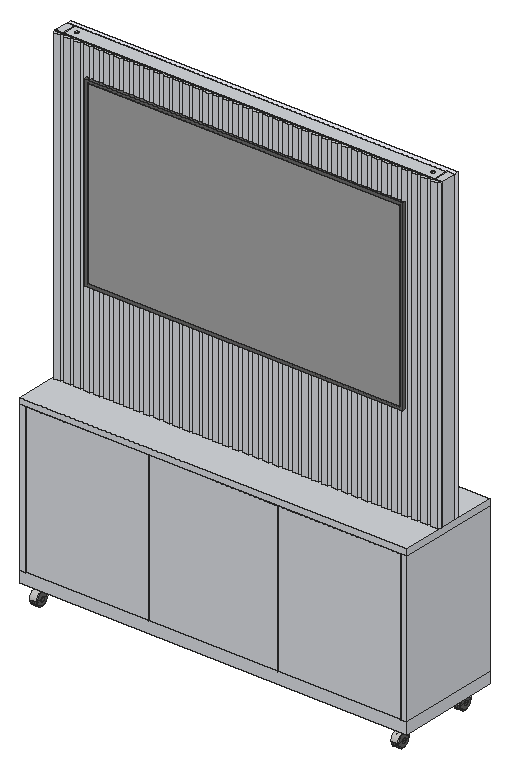
Revit family "ThinkingWall Combi AV", category Generic Models, Revit 2023
Family settings
  Can host rebar = No
  Round Connector Dimension = Use Diameter
  Part Type = Normal
  Work Plane-Based = No
  Always vertical = Yes
  Cut with Voids When Loaded = No
  Maintain Annotation Orientation = No
  Shared = No
  Room Calculation Point = No
Parameters (values of type "ThinkingWall® Combi AV 1500")
  URL = "https://www.logovisual.com/product/whiteboards/thinkingwall/acoustics/thinkingwall-mobile-acoustic-cupboard-combi/"
  ThinkingWall Combi AV 1500 = yes
  ThinkingWall Combi AV 1200 = no
  Model = "ThinkingWall® Combi AV"
  Manufacturer = "Logovisual LTD"
  Description = "Mobile freestanding storage unit with integrated screen and AV equipment. Part of the ThinkingWall® range for flexible breakout and meeting spaces."
  Cupboard Colour = none
  TV Width = 1230 mm
  TV Screen Colour = Screen
  TV Height = 720 mm
  Steel Colour = none
  Plinth Colure = none
  Default Elevation = 0 mm
  Acoustic Colour = none
Types (3, lengths in mm): name | ThinkingWall Combi AV 1500 | ThinkingWall Combi AV 1200 | TV Width | TV Height
  (no name) | yes | no | 1230 | 720
  ThinkingWall® Combi AV 1200 | no | yes | 965 | 565
  ThinkingWall® Combi AV 1500 | yes | no | 1230 | 720
Reference planes
  plane 1 "Center (Front/Back)": y = 0
  plane 2: z = 0
  plane 3 "Center (Left/Right)": x = 0
Dimensions and locks
  aligned and locked: level to plane 2
  aligned and locked: plane 3 "Center (Left/Right)" to nested 1
  aligned and locked: plane 1 "Center (Front/Back)" to nested 1
  aligned and locked: plane 3 "Center (Left/Right)" to nested 2
  aligned and locked: plane 1 "Center (Front/Back)" to nested 2
Nested families
  nested 1: "ThinkingWall Combi AV 1200" at (0, 0, 0), visible <- "ThinkingWall Combi AV 1200", type "ThinkingWall Combi AV 1200"
    with TV Width 1230 mm, TV Height 720 mm
  nested 2: "ThinkingWall Combi AV 1500" at (0, 0, 0), visible <- "ThinkingWall Combi AV 1500", type "ThinkingWall Combi AV 1200"
    with TV Width 1230 mm, TV Height 720 mm
Definition of nested family "ThinkingWall Combi AV 1200"
  Parameters (values of type "ThinkingWall Combi AV 1200")
    Cupboard Colour = none
    TV Width = 965 mm
    TV Screen Colour = none
    TV Height = 565 mm
    Steel Colour = none
    Plinth Colure = none
    No of Slat = Length / 38.7 mm  # 31
    No Acoustic Panel 2 = Length / 40 mm  # 30
    Length = 1200 mm  # constant formula
    Default Elevation = 0 mm
    Acoustic Colour = none
  Types (2): name
    ThinkingWall Combi AV 1200
    ThinkingWall Combi AV 1500
  Reference planes
    plane 1 "Center (Front/Back)": y = 0
    plane 2: z = 0
    plane 3 "Center (Left/Right)": x = 0
    plane 4: y = 200
    plane 5: x = 1200
    plane 6: y = -200
    plane 7: x = 600
    plane 8: z = 71.5
    plane 9 "a": z = 114.5
    plane 10: x = 30
    plane 11: x = 1170
    plane 12: z = 1914.5
    plane 13: y = 30
    plane 14: y = -30
    plane 15: x = 24
    plane 16: x = 1176
    plane 17: z = 690.5
    plane 18: z = 714.5
    plane 19: x = 595
    plane 20: x = 605
    plane 21: y = -182
    plane 22: y = 183
    plane 23: y = -31.5
    plane 24: y = 47.5
    plane 25: z = 1804.5
    plane 26: y = -43.5
  Forms (mm)
    Extrusion 1, solid, material <- "Plinth Colure"
      sketch origin (-511.407, -1524, 71.5) x (-1, 0, 0) y (0, -1, 0)
        loop
          line (-511.407, -1724) -> (-511.407, -1324) -> (-1711.407, -1324) -> (-1711.407, -1724) -> (-511.407, -1724)
      from 0 to 43
    Extrusion 2, solid, material <- "Steel Colour"
      sketch origin (-511.407, -1524, 114.5) x (-1, 0, 0) y (0, -1, 0)
        loop
          line (-511.407, -1554) -> (-511.407, -1494) -> (-541.407, -1494) -> (-541.407, -1554) -> (-511.407, -1554)
        loop
          line (-1681.407, -1554) -> (-1681.407, -1494) -> (-1711.407, -1494) -> (-1711.407, -1554) -> (-1681.407, -1554)
      from 600 to 1800
    Extrusion 3, solid, material <- "Cupboard Colour"
      sketch origin (-511.407, -1524, 114.5) x (-1, 0, 0) y (0, -1, 0)
        loop
          line (-511.407, -1724) -> (-511.407, -1324) -> (-535.407, -1324) -> (-535.407, -1724) -> (-511.407, -1724)
        loop
          line (-1711.407, -1724) -> (-1687.407, -1724) -> (-1687.407, -1324) -> (-1711.407, -1324) -> (-1711.407, -1724)
      from 0 to 576
    Extrusion 4, solid, material <- "Cupboard Colour"
      sketch origin (0, 0, 0) x (1, 0, 0) y (0, 0, 1)
        loop
          line (0, 714.5) -> (0, 690.5) -> (1200, 690.5) -> (1200, 714.5) -> (0, 714.5)
      from -200 to 200
    Extrusion 5, solid, material <- "Cupboard Colour"
      sketch origin (0, 0, 0) x (1, 0, 0) y (0, 0, 1)
        loop
          line (595, 690.5) -> (595, 114.5) -> (605, 114.5) -> (605, 690.5) -> (595, 690.5)
      from -183 to 182
    Sweep 6, solid, material <- "Cupboard Colour"
      path origin (0, 0, 0) x (1, 0, 0) y (0, 0, 1)
        loop
          line (24, 690.5) -> (24, 114.5) -> (1176, 114.5) -> (1176, 690.5) -> (24, 690.5)
      profile origin (24, 0, 402.5) x (0, -1, 0) y (1, 0, 0)
        loop
          line (-183, 0) -> (182, 0) -> (182, 12) -> (-183, 12) -> (-183, 0)
    Extrusion 7, solid, material <- "Cupboard Colour"
      sketch origin (-511.407, -1524, 114.5) x (-1, 0, 0) y (0, -1, 0)
        loop
          line (-535.407, -1342) -> (-535.407, -1324) -> (-1111.407, -1324) -> (-1111.407, -1342) -> (-535.407, -1342)
      from 0 to 576
    Extrusion 8, solid, material <- "Cupboard Colour"
      sketch origin (1711.407, -1524, 114.5) x (1, 0, 0) y (0, 1, 0)
        loop
          line (-535.407, 1342) -> (-1111.407, 1342) -> (-1111.407, 1324) -> (-535.407, 1324) -> (-535.407, 1342)
      from 0 to 576
    Extrusion 9, solid
      sketch origin (-537.43, -1524, 714.5) x (-1, 0, 0) y (0, -1, 0)
        loop
          line (-537.43, -1494) -> (-537.43, -1492.5) -> (-1737.43, -1492.5) -> (-1737.43, -1494) -> (-537.43, -1494)
      from 0 to 1200
    Extrusion 10, solid, material <- "Steel Colour"
      sketch origin (-908.752, -1524, 1914.5) x (-1, 0, 0) y (0, -1, 0)
        loop
          line (-938.752, -1554) -> (-938.752, -1494) -> (-2078.752, -1494) -> (-2078.752, -1554) -> (-938.752, -1554)
      from -18 to 0
    Extrusion 11, solid
      sketch origin (-908.752, -1524, 1914.5) x (-1, 0, 0) y (0, -1, 0)
        loop
          circle (-968.752, -1524) r 5
        loop
          circle (-2048.752, -1524) r 5
      from 0 to 1
    Extrusion 12, solid
      sketch origin (-537.43, -1524, 690.5) x (-1, 0, 0) y (0, -1, 0)
        loop
          line (-537.43, -1571.5) -> (-537.43, -1554) -> (-1737.43, -1554) -> (-1737.43, -1571.5) -> (-537.43, -1571.5)
      from 24 to 1224
  Dimensions and locks
    equal spacing: plane 4, plane 1 "Center (Front/Back)", plane 6
    plane 4 to plane 6 = 400 mm
    "Length": plane 3 "Center (Left/Right)" to plane 5
    locked: plane 3 "Center (Left/Right)" to nested 1 at 50
    locked: plane 4 to nested 1 at 50
    equal spacing: plane 3 "Center (Left/Right)", plane 7, plane 5
    locked: plane 4 to nested 2 at 50
    locked: nested 2 to plane 5 at 50
    locked: nested 4 to plane 5 at 50
    locked: plane 3 "Center (Left/Right)" to nested 3 at 50
    locked: plane 6 to nested 3 at 50
    locked: plane 6 to nested 4 at 50
    locked: plane 8 to level at 71.5
    plane 9 "a" to plane 8 = 43 mm
    locked: plane 3 "Center (Left/Right)" to plane 10 at 30
    locked: plane 11 to plane 5 at 30
    plane 12 to level = 1914.5 mm
    equal spacing: plane 13, plane 1 "Center (Front/Back)", plane 14
    locked: plane 13 to plane 14 at 60
    locked: plane 3 "Center (Left/Right)" to plane 15 at 24
    locked: plane 16 to plane 5 at 24
    plane 17 to plane 9 "a" = 576 mm
    locked: plane 18 to plane 17 at 24
    locked: plane 4 to plane 22 at 17
    locked: plane 6 to plane 21 at 18
    locked: plane 24 to plane 13 at 17.5
    locked: plane 23 to plane 14 at 1.5
    equal spacing: group 2, group 31, group 30, group 29, group 28, group 27, group 26, group 25, group 24, group 23, group 22, group 21, group 20, group 19, group 18, group 17, group 16, group 15, group 14, group 13, group 12, group 11, group 10, group 9, group 8, group 7, group 6, group 5, group 4, group 3, group 1
    equal spacing: group 1, group 3, group 4, group 5, group 6, group 7, group 8, group 9, group 10, group 11, group 12, group 13, group 14, group 15, group 16, group 17, group 18, group 19, group 20, group 21, group 22, group 23, group 24, group 25, group 26, group 27, group 28, group 29, group 30, group 31, group 2  (x2)
    locked: plane 12 to plane 25 at 110
    locked: plane 26 to plane 23 at 12
    equal spacing: plane 19, plane 7, plane 20
    locked: plane 19 to plane 20 at 10
    plane 12 to plane 18 = 1200 mm
    equal spacing: group 33, group 61, group 60, group 59, group 58, group 57, group 56, group 55, group 54, group 53, group 52, group 51, group 50, group 49, group 48, group 47, group 46, group 45, group 44, group 43, group 42, group 41, group 40, group 39, group 38, group 37, group 36, group 35, group 34, group 32
    equal spacing: group 32, group 34, group 35, group 36, group 37, group 38, group 39, group 40, group 41, group 42, group 43, group 44, group 45, group 46, group 47, group 48, group 49, group 50, group 51, group 52, group 53, group 54, group 55, group 56, group 57, group 58, group 59, group 60, group 61, group 33  (x2)
    locked: plane 5 to nested 67 at 70
    locked: plane 9 "a" to nested 67 at 62
    locked: nested 67 to plane 22 at 12
    aligned and locked: level to plane 2
    aligned and locked: Extrusion 1 sketch curve to plane 4
    aligned and locked: plane 3 "Center (Left/Right)" to Extrusion 1 sketch curve
    aligned and locked: Extrusion 1 sketch curve to plane 6
    aligned and locked: Extrusion 1 sketch curve to plane 5
    aligned and locked: Extrusion 1 to plane 8
    aligned and locked: Extrusion 1 to plane 9 "a"
    aligned and locked: Extrusion 2 sketch curve to plane 13  (x2)
    aligned and locked: plane 3 "Center (Left/Right)" to Extrusion 2 sketch curve
    aligned and locked: Extrusion 2 sketch curve to plane 14  (x2)
    aligned and locked: Extrusion 2 sketch curve to plane 10
    aligned and locked: Extrusion 2 sketch curve to plane 11
    aligned and locked: Extrusion 2 sketch curve to plane 5
    aligned and locked: plane 12 to Extrusion 2
    aligned and locked: Extrusion 3 sketch curve to Extrusion 1  (x2)
    aligned and locked: Extrusion 3 sketch curve to Extrusion 2  (x2)
    aligned and locked: Extrusion 3 sketch curve to plane 6
    aligned and locked: Extrusion 3 sketch curve to plane 15
    aligned and locked: plane 6 to Extrusion 3 sketch curve
    aligned and locked: plane 16 to Extrusion 3 sketch curve
    aligned and locked: plane 17 to Extrusion 3
    aligned and locked: Extrusion 3 to plane 9 "a"
    aligned and locked: Extrusion 4 sketch curve to plane 18
    aligned and locked: plane 3 "Center (Left/Right)" to Extrusion 4 sketch curve
    aligned and locked: Extrusion 4 sketch curve to Extrusion 3
    aligned and locked: plane 6 to Extrusion 4
    aligned and locked: plane 4 to Extrusion 4
    aligned and locked: Extrusion 5 sketch curve to plane 17
    aligned and locked: plane 19 to Extrusion 5 sketch curve
    aligned and locked: plane 9 "a" to Extrusion 5 sketch curve
    aligned and locked: plane 20 to Extrusion 5 sketch curve
    aligned and locked: Sweep 6 sketch curve to plane 17
    aligned and locked: Sweep 6 sketch curve to plane 9 "a"
    aligned and locked: Sweep 6 sketch curve to plane 15
    aligned and locked: plane 16 to Sweep 6 sketch curve
    aligned and locked: Sweep 6 sketch curve to plane 22
    aligned and locked: Sweep 6 sketch curve to plane 21
    aligned and locked: plane 22 to Extrusion 5
    aligned and locked: plane 21 to Extrusion 5
    aligned and locked: plane 21 to Extrusion 7 sketch curve
    aligned and locked: plane 15 to Extrusion 7 sketch curve
    aligned and locked: Extrusion 7 sketch curve to Extrusion 1
    aligned and locked: Extrusion 7 sketch curve to plane 7
    aligned and locked: plane 17 to Extrusion 7
    aligned and locked: Extrusion 7 to plane 9 "a"
    aligned and locked: Extrusion 8 sketch curve to plane 21
    aligned and locked: Extrusion 8 sketch curve to plane 7
    aligned and locked: plane 6 to Extrusion 8 sketch curve
    aligned and locked: Extrusion 8 sketch curve to plane 16
    aligned and locked: Extrusion 8 to plane 9 "a"
    aligned and locked: plane 17 to Extrusion 8
    aligned and locked: Extrusion 9 sketch curve to Extrusion 2
    aligned and locked: Extrusion 9 sketch curve to Extrusion 3
    aligned and locked: Extrusion 9 sketch curve to plane 5
    aligned and locked: Extrusion 9 sketch curve to plane 23
    aligned and locked: Extrusion 9 to plane 18
    aligned and locked: plane 12 to Extrusion 9
    aligned and locked: nested 5 to plane 18
    aligned and locked: plane 23 to nested 5
    aligned and locked: nested 5 to plane 5
    aligned and locked: plane 3 "Center (Left/Right)" to nested 6
    aligned and locked: plane 23 to nested 6
    aligned and locked: nested 6 to plane 18
    aligned and locked: Extrusion 10 sketch curve to Extrusion 2  (x4)
    aligned and locked: plane 12 to Extrusion 10
    aligned and locked: Extrusion 11 to plane 12
    aligned and locked: plane 7 to nested 36
    aligned and locked: plane 25 to nested 36
    aligned and locked: plane 26 to nested 36
    aligned and locked: nested 37 to plane 9 "a"
    aligned and locked: Extrusion 2 to plane 18
    aligned and locked: plane 22 to nested 37
    aligned and locked: plane 16 to nested 37
    aligned and locked: plane 15 to nested 38
    aligned and locked: plane 22 to nested 38
    aligned and locked: Extrusion 12 sketch curve to plane 24
    aligned and locked: plane 3 "Center (Left/Right)" to Extrusion 12 sketch curve
    aligned and locked: Extrusion 12 sketch curve to Extrusion 2  (x2)
    aligned and locked: Extrusion 12 to plane 18
    aligned and locked: plane 12 to Extrusion 12
  Automatic sketch dimensions
    Sweep 6 sketch curve to profile plane = 0 mm
    Sweep 6 sketch curve to profile plane = 12 mm
    Extrusion 11 sketch curve to Extrusion 10 = 30 mm  (x4)
    Extrusion 4 sketch curve to plane 5 = 0 mm
    radius of Extrusion 11 sketch curve = 5 mm  (x2)
  Nested families
    nested 1: "50mm_Caster_Wheel 2" at (50, 150, 0) x (0, 1, 0) z (0, 0, 1), type "50mm_Caster_Wheel 2"
    nested 2: "50mm_Caster_Wheel 2" at (1150, 150, 0) x (0, 1, 0) z (0, 0, 1), type "50mm_Caster_Wheel 2"
    nested 3: "50mm_Caster_Wheel 2" at (50, -150, 0) x (0, 1, 0) z (0, 0, 1), type "50mm_Caster_Wheel 2"
    nested 4: "50mm_Caster_Wheel 2" at (1150, -150, 0) x (0, 1, 0) z (0, 0, 1), type "50mm_Caster_Wheel 2"
    nested 5: "Panel" at (1160, -31.5, 714.5), type "Panel"
      with Height 1200 mm
    nested 6: "Panel" at (0, -31.5, 714.5), type "Panel"
      with Height 1200 mm
    nested 7: "Panel" at (1121.333, -31.5, 714.5), type "Panel"
      with Height 1200 mm
    nested 8: "Panel" at (1082.667, -31.5, 714.5), type "Panel"
      with Height 1200 mm
    nested 9: "Panel" at (1044, -31.5, 714.5), type "Panel"
      with Height 1200 mm
    nested 10: "Panel" at (1005.333, -31.5, 714.5), type "Panel"
      with Height 1200 mm
    nested 11: "Panel" at (966.667, -31.5, 714.5), type "Panel"
      with Height 1200 mm
    nested 12: "Panel" at (928, -31.5, 714.5), type "Panel"
      with Height 1200 mm
    nested 13: "Panel" at (889.333, -31.5, 714.5), type "Panel"
      with Height 1200 mm
    nested 14: "Panel" at (850.667, -31.5, 714.5), type "Panel"
      with Height 1200 mm
    nested 15: "Panel" at (812, -31.5, 714.5), type "Panel"
      with Height 1200 mm
    nested 16: "Panel" at (773.333, -31.5, 714.5), type "Panel"
      with Height 1200 mm
    nested 17: "Panel" at (734.667, -31.5, 714.5), type "Panel"
      with Height 1200 mm
    nested 18: "Panel" at (696, -31.5, 714.5), type "Panel"
      with Height 1200 mm
    nested 19: "Panel" at (657.333, -31.5, 714.5), type "Panel"
      with Height 1200 mm
    nested 20: "Panel" at (618.667, -31.5, 714.5), type "Panel"
      with Height 1200 mm
    nested 21: "Panel" at (580, -31.5, 714.5), type "Panel"
      with Height 1200 mm
    nested 22: "Panel" at (541.333, -31.5, 714.5), type "Panel"
      with Height 1200 mm
    nested 23: "Panel" at (502.667, -31.5, 714.5), type "Panel"
      with Height 1200 mm
    nested 24: "Panel" at (464, -31.5, 714.5), type "Panel"
      with Height 1200 mm
    nested 25: "Panel" at (425.333, -31.5, 714.5), type "Panel"
      with Height 1200 mm
    nested 26: "Panel" at (386.667, -31.5, 714.5), type "Panel"
      with Height 1200 mm
    nested 27: "Panel" at (348, -31.5, 714.5), type "Panel"
      with Height 1200 mm
    nested 28: "Panel" at (309.333, -31.5, 714.5), type "Panel"
      with Height 1200 mm
    nested 29: "Panel" at (270.667, -31.5, 714.5), type "Panel"
      with Height 1200 mm
    nested 30: "Panel" at (232, -31.5, 714.5), type "Panel"
      with Height 1200 mm
    nested 31: "Panel" at (193.333, -31.5, 714.5), type "Panel"
      with Height 1200 mm
    nested 32: "Panel" at (154.667, -31.5, 714.5), type "Panel"
      with Height 1200 mm
    nested 33: "Panel" at (116, -31.5, 714.5), type "Panel"
      with Height 1200 mm
    nested 34: "Panel" at (77.333, -31.5, 714.5), type "Panel"
      with Height 1200 mm
    nested 35: "Panel" at (38.667, -31.5, 714.5), type "Panel"
      with Height 1200 mm
    nested 36: "TV" at (600, -43.5, 1239.5), type "TV"
      with Width 965 mm, Height 565 mm
    nested 37: "Panel" at (1176, 183, 114.5) x (-1, 0, 0) z (0, 0, 1), type "Panel 2"
      with Height 576 mm
    nested 38: "Panel" at (64, 183, 114.5) x (-1, 0, 0) z (0, 0, 1), type "Panel 2"
      with Height 576 mm
    nested 39: "Panel" at (1137.655, 183, 114.5) x (-1, 0, 0) z (0, 0, 1), type "Panel 2"
      with Height 576 mm
    nested 40: "Panel" at (1099.31, 183, 114.5) x (-1, 0, 0) z (0, 0, 1), type "Panel 2"
      with Height 576 mm
    nested 41: "Panel" at (1060.966, 183, 114.5) x (-1, 0, 0) z (0, 0, 1), type "Panel 2"
      with Height 576 mm
    nested 42: "Panel" at (1022.621, 183, 114.5) x (-1, 0, 0) z (0, 0, 1), type "Panel 2"
      with Height 576 mm
    nested 43: "Panel" at (984.276, 183, 114.5) x (-1, 0, 0) z (0, 0, 1), type "Panel 2"
      with Height 576 mm
    nested 44: "Panel" at (945.931, 183, 114.5) x (-1, 0, 0) z (0, 0, 1), type "Panel 2"
      with Height 576 mm
    nested 45: "Panel" at (907.586, 183, 114.5) x (-1, 0, 0) z (0, 0, 1), type "Panel 2"
      with Height 576 mm
    nested 46: "Panel" at (869.241, 183, 114.5) x (-1, 0, 0) z (0, 0, 1), type "Panel 2"
      with Height 576 mm
    nested 47: "Panel" at (830.897, 183, 114.5) x (-1, 0, 0) z (0, 0, 1), type "Panel 2"
      with Height 576 mm
    nested 48: "Panel" at (792.552, 183, 114.5) x (-1, 0, 0) z (0, 0, 1), type "Panel 2"
      with Height 576 mm
    nested 49: "Panel" at (754.207, 183, 114.5) x (-1, 0, 0) z (0, 0, 1), type "Panel 2"
      with Height 576 mm
    nested 50: "Panel" at (715.862, 183, 114.5) x (-1, 0, 0) z (0, 0, 1), type "Panel 2"
      with Height 576 mm
    nested 51: "Panel" at (677.517, 183, 114.5) x (-1, 0, 0) z (0, 0, 1), type "Panel 2"
      with Height 576 mm
    nested 52: "Panel" at (639.172, 183, 114.5) x (-1, 0, 0) z (0, 0, 1), type "Panel 2"
      with Height 576 mm
    nested 53: "Panel" at (600.828, 183, 114.5) x (-1, 0, 0) z (0, 0, 1), type "Panel 2"
      with Height 576 mm
    nested 54: "Panel" at (562.483, 183, 114.5) x (-1, 0, 0) z (0, 0, 1), type "Panel 2"
      with Height 576 mm
    nested 55: "Panel" at (524.138, 183, 114.5) x (-1, 0, 0) z (0, 0, 1), type "Panel 2"
      with Height 576 mm
    nested 56: "Panel" at (485.793, 183, 114.5) x (-1, 0, 0) z (0, 0, 1), type "Panel 2"
      with Height 576 mm
    nested 57: "Panel" at (447.448, 183, 114.5) x (-1, 0, 0) z (0, 0, 1), type "Panel 2"
      with Height 576 mm
    nested 58: "Panel" at (409.103, 183, 114.5) x (-1, 0, 0) z (0, 0, 1), type "Panel 2"
      with Height 576 mm
    nested 59: "Panel" at (370.759, 183, 114.5) x (-1, 0, 0) z (0, 0, 1), type "Panel 2"
      with Height 576 mm
    nested 60: "Panel" at (332.414, 183, 114.5) x (-1, 0, 0) z (0, 0, 1), type "Panel 2"
      with Height 576 mm
    nested 61: "Panel" at (294.069, 183, 114.5) x (-1, 0, 0) z (0, 0, 1), type "Panel 2"
      with Height 576 mm
    nested 62: "Panel" at (255.724, 183, 114.5) x (-1, 0, 0) z (0, 0, 1), type "Panel 2"
      with Height 576 mm
    nested 63: "Panel" at (217.379, 183, 114.5) x (-1, 0, 0) z (0, 0, 1), type "Panel 2"
      with Height 576 mm
    nested 64: "Panel" at (179.034, 183, 114.5) x (-1, 0, 0) z (0, 0, 1), type "Panel 2"
      with Height 576 mm
    nested 65: "Panel" at (140.69, 183, 114.5) x (-1, 0, 0) z (0, 0, 1), type "Panel 2"
      with Height 576 mm
    nested 66: "Panel" at (102.345, 183, 114.5) x (-1, 0, 0) z (0, 0, 1), type "Panel 2"
      with Height 576 mm
    nested 67: "Weiland Power Input" at (1130, 195, 144.5) x (-1, 0, 0) z (0, 0, 1), type "Weiland Power Input"
  Definition of nested family "50mm_Caster_Wheel 2"
    Parameters (values of type "50mm_Caster_Wheel 2")
      Default Elevation = 0 mm
    Reference planes
      plane 1 "Center (Front/Back)": y = 0
      plane 2: z = 0
      plane 3 "Center (Left/Right)": x = 0
      plane 4 "VWhlCntr": x = -22
      plane 5 "WhlCntr": z = 25
      plane 6: z = 56.73
      plane 7: z = 55.23
    Forms (mm)
      Revolve 1, solid
        sketch origin (0, 0, 25) x (-1, 0, 0) y (0, -1, 0)
          loop
            line (45.5, 13.5) -> (29.872, 13.5) -> (30.032, 14.411)
            arc (30.032, 14.411) -> (29.873, 15.004) -> (29.317, 15.263) r 0.727
            line (29.317, 15.263) -> (22, 15.263) -> (22, 4.169) -> (47, 4.169) -> (47, 12)
            arc (47, 12) -> (46.561, 13.061) -> (45.5, 13.5) r 1.5
          loop
            arc (45.5, -13.5) -> (46.561, -13.061) -> (47, -12) r 1.5
            line (47, -12) -> (47, -4.169) -> (22, -4.169) -> (22, -15.263) -> (29.317, -15.263)
            arc (29.317, -15.263) -> (29.873, -15.004) -> (30.032, -14.411) r 0.727
            line (30.032, -14.411) -> (29.872, -13.5) -> (45.5, -13.5)
          axis (22, 15.263) -> (22, -15.263)
        angle from 0 to 360
      Revolve 2, solid
        sketch origin (0, 0, 25) x (-1, 0, 0) y (0, -1, 0)
          loop
            line (22, 3.174) -> (33.047, 3.174)
            arc (33.047, 3.174) -> (32.755, 3.878) -> (32.052, 4.169) r 0.995
            line (32.052, 4.169) -> (22, 4.169) -> (22, 3.174)
          loop
            line (22, -3.174) -> (22, -4.169) -> (32.052, -4.169)
            arc (32.052, -4.169) -> (32.755, -3.878) -> (33.047, -3.174) r 0.995
            line (33.047, -3.174) -> (22, -3.174)
          axis (22, 4.169) -> (22, -4.169)
        angle from 0 to 360
      Revolve 3, solid
        sketch origin (0, 0, 0) x (1, 0, 0) y (0, 0, 1)
          loop
            line (0, 60) -> (21.525, 60) -> (21.525, 62.198)
            arc (21.525, 62.198) -> (20.577, 63.345) -> (19.43, 64.292) r 7.866
            arc (19.43, 64.292) -> (16.996, 68.264) -> (12.416, 67.416) r 4.113
            line (12.416, 67.416) -> (10, 65) -> (10, 70) -> (0, 70) -> (0, 60)
          axis (0, 60) -> (0, 70)
        angle from 0 to 360
      Extrusion 4, solid
        sketch origin (0, 0, 0) x (1, 0, 0) y (0, 0, 1)
          loop
            circle (-22, 25) r 2.964
        from -12.5 to 12.5
      Extrusion 5, solid
        sketch origin (0, 0, 70) x (1, 0, 0) y (0, 1, 0)
          loop
            line (-25, 25) -> (-25, -25) -> (25, -25) -> (25, 25) -> (-25, 25)
        from 0 to 1.5
      Extrusion 6, solid
        sketch origin (0, 0, 0) x (1, 0, 0) y (0, 0, 1)
          loop
            line (-49.398, 25.312) -> (-47.348, 25.312)
            arc (-47.348, 25.312) -> (-22.059, 50.601) -> (3.229, 25.313) r 25.288
            line (3.229, 25.313) -> (5.279, 25.313)
            arc (5.279, 25.313) -> (-22.059, 52.651) -> (-49.398, 25.312) r 27.339
        from -13.5 to 13.5
      Extrusion 7, solid
        sketch origin (0, 0, 0) x (1, 0, 0) y (0, 0, 1)
          loop
            arc (-22.059, 52.651) -> (-2.728, 44.644) -> (5.279, 25.312) r 27.339
            line (5.279, 25.312) -> (5.279, 60) -> (-22.059, 60) -> (-22.059, 52.651)
        from -13.5 to 13.5
    Dimensions and locks
      plane 3 "Center (Left/Right)" to plane 4 "VWhlCntr" = 22 mm
      Revolve 3 to level = 70 mm
      Revolve 3 to plane 2 = 70 mm
      diameter of Revolve 1 = 50 mm
      aligned and locked: level to plane 2
  Definition of nested family "Panel"
    Parameters (values of type "Panel")
      Height = 1190.083 mm
      Default Elevation = 0 mm
      Acoustic = none
    Reference planes
      plane 1 "Center (Front/Back)": y = 0
      plane 2: z = 0
      plane 3 "Center (Left/Right)": x = 0
      plane 4: z = 1190.083
      plane 5: x = 40
      plane 6: y = -12
      plane 7: z = 0
      plane 8: x = 8
      plane 9: x = 32
    Forms (mm)
      Extrusion 1, solid, material <- "Acoustic"
        sketch origin (0, 0, 0) x (1, 0, 0) y (0, 1, 0)
          loop
            line (0, 0) -> (8, -12) -> (32, -12) -> (40, 0) -> (0, 0)
        from 0 to 1190.083
    Dimensions and locks
      plane 3 "Center (Left/Right)" to plane 5 = 40 mm
      plane 6 to plane 1 "Center (Front/Back)" = 12 mm  (x2)
      "Height": plane 4 to plane 2
      plane 7 to level = 0 mm
      plane 5 to plane 3 "Center (Left/Right)" = 40 mm
      plane 3 "Center (Left/Right)" to plane 8 = 8 mm
      plane 9 to plane 5 = 8 mm
      aligned and locked: level to plane 2
      aligned and locked: plane 1 "Center (Front/Back)" to Extrusion 1 sketch curve
      aligned and locked: plane 6 to Extrusion 1 sketch curve
      aligned and locked: Extrusion 1 to plane 7
      aligned and locked: plane 4 to Extrusion 1
    Automatic sketch dimensions
      Extrusion 1 sketch curve to plane 3 "Center (Left/Right)" = 0 mm
      Extrusion 1 sketch curve to plane 8 = 0 mm
      Extrusion 1 sketch curve to plane 9 = 0 mm
      Extrusion 1 sketch curve to plane 5 = 0 mm
  Definition of nested family "TV"
    Parameters (values of type "TV")
      Width = 1450 mm
      Screen = none
      Height = 830 mm
      Depth = 10 mm
      Default Elevation = 0 mm
      Boarder = 10 mm
    Reference planes
      plane 1 "Center (Front/Back)": y = 0
      plane 2: z = 0
      plane 3 "Center (Left/Right)": x = 0
      plane 4: x = -725
      plane 5: x = 725
      plane 6: z = 830
      plane 7: z = 820
      plane 8: x = -715
      plane 9: x = 715
      plane 10: z = 10
      plane 11: y = -5
      plane 12: y = -10
      plane 13: z = 415
    Forms (mm)
      Extrusion 1, solid
        sketch origin (0, 0, 0) x (1, 0, 0) y (0, 0, 1)
          loop
            line (-725, 830) -> (-725, 0) -> (725, 0) -> (725, 830) -> (-725, 830)
          loop
            line (-715, 820) -> (-715, 10) -> (715, 10) -> (715, 820) -> (-715, 820)
        from 0 to 10
      Extrusion 2, solid
        sketch origin (0, 0, 0) x (1, 0, 0) y (0, 0, 1)
          loop
            line (-715, 820) -> (-715, 10) -> (715, 10) -> (715, 820) -> (-715, 820)
        from 0 to 5
      Extrusion 3, solid, material <- "Screen"
        sketch origin (0, 0, 0) x (1, 0, 0) y (0, 0, 1)
          loop
            line (-715, 820) -> (-715, 10) -> (715, 10) -> (715, 820) -> (-715, 820)
        from 5 to 10
    Dimensions and locks
      equal spacing: plane 5, plane 3 "Center (Left/Right)", plane 4
      "Width": plane 5 to plane 4
      "Height": plane 6 to level
      "Boarder": plane 8 to plane 4
      "Boarder": plane 5 to plane 9
      "Boarder": plane 6 to plane 7
      "Boarder": plane 10 to level
      equal spacing: plane 6, plane 13, level
      equal spacing: plane 1 "Center (Front/Back)", plane 11, plane 12
      "Depth": plane 1 "Center (Front/Back)" to plane 12
      aligned and locked: level to plane 2
      aligned and locked: Extrusion 1 sketch curve to plane 6
      aligned and locked: plane 4 to Extrusion 1 sketch curve
      aligned and locked: plane 2 to Extrusion 1 sketch curve
      aligned and locked: Extrusion 1 sketch curve to plane 5
      aligned and locked: Extrusion 1 sketch curve to plane 7
      aligned and locked: plane 8 to Extrusion 1 sketch curve
      aligned and locked: plane 10 to Extrusion 1 sketch curve
      aligned and locked: Extrusion 1 sketch curve to plane 9
      aligned and locked: Extrusion 2 sketch curve to Extrusion 1  (x4)
      aligned and locked: Extrusion 2 to plane 11
      aligned and locked: Extrusion 2 to plane 1 "Center (Front/Back)"
      aligned and locked: Extrusion 3 sketch curve to Extrusion 2  (x4)
      aligned and locked: plane 11 to Extrusion 3
      aligned and locked: Extrusion 3 to plane 12
      aligned and locked: Extrusion 1 to plane 12
  Definition of nested family "Weiland Power Input"
    Parameters (values of type "Weiland Power Input")
      Default Elevation = 0 mm
    Reference planes
      plane 1 "Center (Front/Back)": y = 0
      plane 2: z = 0
      plane 3 "Center (Left/Right)": x = 0
      plane 4: x = -32
      plane 5: z = 64
      plane 6: x = 32
      plane 7: z = 32
    Forms (mm)
      Extrusion 1, solid
        sketch origin (0, 0, -380.527) x (1, 0, 0) y (0, 0, 1)
          loop
            circle (0, 412.527) r 32
        from 0 to 1
    Dimensions and locks
      equal spacing: plane 5, plane 7, level
      aligned and locked: level to plane 2
    Automatic sketch dimensions
      Extrusion 1 sketch curve to Extrusion 1 sketch curve = 0 mm  (x2)
      Extrusion 1 sketch curve to plane 3 "Center (Left/Right)" = 0 mm
      plane 7 to Extrusion 1 sketch curve = 0 mm
      plane 4 to Extrusion 1 sketch curve = 0 mm
Definition of nested family "ThinkingWall Combi AV 1500"
  Parameters (values of type "ThinkingWall Combi AV 1500")
    Cupboard Colour = none
    TV Width = 965 mm
    TV Screen Colour = none
    TV Height = 565 mm
    Steel Colour = none
    Plinth Colure = none
    No of Slat = Length / 38.7 mm  # 39
    No Acoustic Panel 2 = Length / 40 mm  # 38
    Length = 1500 mm  # constant formula
    Default Elevation = 0 mm
    Acoustic Colour = none
  Types (2): name
    ThinkingWall Combi AV 1200
    ThinkingWall Combi AV 1500
  Reference planes
    plane 1 "Center (Front/Back)": y = 0
    plane 2: z = 0
    plane 3 "Center (Left/Right)": x = 0
    plane 4: y = 200
    plane 5: x = 1500
    plane 6: y = -200
    plane 7: x = 750
    plane 8: z = 71.5
    plane 9 "a": z = 114.5
    plane 10: x = 30
    plane 11: x = 1470
    plane 12: z = 1914.5
    plane 13: y = 30
    plane 14: y = -30
    plane 15: x = 24
    plane 16: x = 1476
    plane 17: z = 690.5
    plane 18: z = 714.5
    plane 19: x = 745
    plane 20: x = 755
    plane 21: y = -182
    plane 22: y = 183
    plane 23: y = -31.5
    plane 24: y = 47.5
    plane 25: z = 1804.5
    plane 26: y = -43.5
    plane 27: x = 500
    plane 28: x = 1000
  Forms (mm)
    Extrusion 1, solid, material <- "Plinth Colure"
      sketch origin (-511.407, -1524, 71.5) x (-1, 0, 0) y (0, -1, 0)
        loop
          line (-511.407, -1724) -> (-511.407, -1324) -> (-2011.407, -1324) -> (-2011.407, -1724) -> (-511.407, -1724)
      from 0 to 43
    Extrusion 2, solid, material <- "Steel Colour"
      sketch origin (-511.407, -1524, 114.5) x (-1, 0, 0) y (0, -1, 0)
        loop
          line (-511.407, -1554) -> (-511.407, -1494) -> (-541.407, -1494) -> (-541.407, -1554) -> (-511.407, -1554)
        loop
          line (-1981.407, -1554) -> (-1981.407, -1494) -> (-2011.407, -1494) -> (-2011.407, -1554) -> (-1981.407, -1554)
      from 600 to 1800
    Extrusion 3, solid, material <- "Cupboard Colour"
      sketch origin (-511.407, -1524, 114.5) x (-1, 0, 0) y (0, -1, 0)
        loop
          line (-511.407, -1724) -> (-511.407, -1324) -> (-535.407, -1324) -> (-535.407, -1724) -> (-511.407, -1724)
        loop
          line (-2011.407, -1724) -> (-1987.407, -1724) -> (-1987.407, -1324) -> (-2011.407, -1324) -> (-2011.407, -1724)
      from 0 to 576
    Extrusion 4, solid, material <- "Cupboard Colour"
      sketch origin (0, 0, 0) x (1, 0, 0) y (0, 0, 1)
        loop
          line (0, 714.5) -> (0, 690.5) -> (1500, 690.5) -> (1500, 714.5) -> (0, 714.5)
      from -200 to 200
    Extrusion 5, solid, material <- "Cupboard Colour"
      sketch origin (0, 0, 0) x (1, 0, 0) y (0, 0, 1)
        loop
          line (745, 690.5) -> (745, 114.5) -> (755, 114.5) -> (755, 690.5) -> (745, 690.5)
      from -183 to 182
    Sweep 6, solid, material <- "Cupboard Colour"
      path origin (0, 0, 0) x (1, 0, 0) y (0, 0, 1)
        loop
          line (24, 690.5) -> (24, 114.5) -> (1476, 114.5) -> (1476, 690.5) -> (24, 690.5)
      profile origin (24, 0, 402.5) x (0, -1, 0) y (1, 0, 0)
        loop
          line (-183, 0) -> (182, 0) -> (182, 12) -> (-183, 12) -> (-183, 0)
    Extrusion 7, solid, material <- "Cupboard Colour"
      sketch origin (-511.407, -1524, 114.5) x (-1, 0, 0) y (0, -1, 0)
        loop
          line (-535.407, -1342) -> (-535.407, -1324) -> (-1011.407, -1324) -> (-1011.407, -1342) -> (-535.407, -1342)
      from 0 to 576
    Extrusion 8, solid, material <- "Cupboard Colour"
      sketch origin (1711.407, -1524, 114.5) x (1, 0, 0) y (0, 1, 0)
        loop
          line (-235.407, 1342) -> (-711.407, 1342) -> (-711.407, 1324) -> (-235.407, 1324) -> (-235.407, 1342)
      from 0 to 576
    Extrusion 9, solid
      sketch origin (-537.43, -1524, 714.5) x (-1, 0, 0) y (0, -1, 0)
        loop
          line (-537.43, -1494) -> (-537.43, -1492.5) -> (-2037.43, -1492.5) -> (-2037.43, -1494) -> (-537.43, -1494)
      from 0 to 1200
    Extrusion 10, solid, material <- "Steel Colour"
      sketch origin (-908.752, -1524, 1914.5) x (-1, 0, 0) y (0, -1, 0)
        loop
          line (-938.752, -1554) -> (-938.752, -1494) -> (-2378.752, -1494) -> (-2378.752, -1554) -> (-938.752, -1554)
      from -18 to 0
    Extrusion 11, solid
      sketch origin (-908.752, -1524, 1914.5) x (-1, 0, 0) y (0, -1, 0)
        loop
          circle (-968.752, -1524) r 5
        loop
          circle (-2348.752, -1524) r 5
      from 0 to 1
    Extrusion 12, solid
      sketch origin (-537.43, -1524, 690.5) x (-1, 0, 0) y (0, -1, 0)
        loop
          line (-537.43, -1571.5) -> (-537.43, -1554) -> (-2037.43, -1554) -> (-2037.43, -1571.5) -> (-537.43, -1571.5)
      from 24 to 1224
    Extrusion 13, solid, material <- "Cupboard Colour"
      sketch origin (-511.407, -1524, 114.5) x (-1, 0, 0) y (0, -1, 0)
        loop
          line (-1011.407, -1342) -> (-1011.407, -1324) -> (-1511.407, -1324) -> (-1511.407, -1342) -> (-1011.407, -1342)
      from 0 to 576
  Dimensions and locks
    equal spacing: plane 4, plane 1 "Center (Front/Back)", plane 6
    plane 4 to plane 6 = 400 mm
    "Length": plane 3 "Center (Left/Right)" to plane 5
    locked: plane 3 "Center (Left/Right)" to nested 1 at 50
    locked: plane 4 to nested 1 at 50
    equal spacing: plane 3 "Center (Left/Right)", plane 7, plane 5
    locked: plane 4 to nested 2 at 50
    locked: nested 2 to plane 5 at 50
    locked: nested 4 to plane 5 at 50
    locked: plane 3 "Center (Left/Right)" to nested 3 at 50
    locked: plane 6 to nested 3 at 50
    locked: plane 6 to nested 4 at 50
    locked: plane 8 to level at 71.5
    plane 9 "a" to plane 8 = 43 mm
    locked: plane 3 "Center (Left/Right)" to plane 10 at 30
    locked: plane 11 to plane 5 at 30
    plane 12 to level = 1914.5 mm
    equal spacing: plane 13, plane 1 "Center (Front/Back)", plane 14
    locked: plane 13 to plane 14 at 60
    locked: plane 3 "Center (Left/Right)" to plane 15 at 24
    locked: plane 16 to plane 5 at 24
    plane 17 to plane 9 "a" = 576 mm
    locked: plane 18 to plane 17 at 24
    locked: plane 4 to plane 22 at 17
    locked: plane 6 to plane 21 at 18
    locked: plane 24 to plane 13 at 17.5
    locked: plane 23 to plane 14 at 1.5
    equal spacing: group 2, group 69, group 68, group 67, group 66, group 65, group 64, group 63, group 62, group 31, group 30, group 29, group 28, group 27, group 26, group 25, group 24, group 23, group 22, group 21, group 20, group 19, group 18, group 17, group 16, group 15, group 14, group 13, group 12, group 11, group 10, group 9, group 8, group 7, group 6, group 5, group 4, group 3, group 1
    equal spacing: group 1, group 3, group 4, group 5, group 6, group 7, group 8, group 9, group 10, group 11, group 12, group 13, group 14, group 15, group 16, group 17, group 18, group 19, group 20, group 21, group 22, group 23, group 24, group 25, group 26, group 27, group 28, group 29, group 30, group 31, group 62, group 63, group 64, group 65, group 66, group 67, group 68, group 69, group 2  (x2)
    locked: plane 12 to plane 25 at 110
    locked: plane 26 to plane 23 at 12
    equal spacing: plane 19, plane 7, plane 20
    locked: plane 19 to plane 20 at 10
    plane 12 to plane 18 = 1200 mm
    equal spacing: group 33, group 77, group 76, group 75, group 74, group 73, group 72, group 71, group 70, group 61, group 60, group 59, group 58, group 57, group 56, group 55, group 54, group 53, group 52, group 51, group 50, group 49, group 48, group 47, group 46, group 45, group 44, group 43, group 42, group 41, group 40, group 39, group 38, group 37, group 36, group 35, group 34, group 32
    equal spacing: group 32, group 34, group 35, group 36, group 37, group 38, group 39, group 40, group 41, group 42, group 43, group 44, group 45, group 46, group 47, group 48, group 49, group 50, group 51, group 52, group 53, group 54, group 55, group 56, group 57, group 58, group 59, group 60, group 61, group 70, group 71, group 72, group 73, group 74, group 75, group 76, group 77, group 33  (x2)
    equal spacing: plane 3 "Center (Left/Right)", plane 27, plane 28, plane 5
    locked: plane 9 "a" to nested 83 at 62
    locked: plane 5 to nested 83 at 70
    locked: nested 83 to plane 22 at 12
    aligned and locked: level to plane 2
    aligned and locked: Extrusion 1 sketch curve to plane 4
    aligned and locked: plane 3 "Center (Left/Right)" to Extrusion 1 sketch curve
    aligned and locked: Extrusion 1 sketch curve to plane 6
    aligned and locked: Extrusion 1 sketch curve to plane 5
    aligned and locked: Extrusion 1 to plane 8
    aligned and locked: Extrusion 1 to plane 9 "a"
    aligned and locked: Extrusion 2 sketch curve to plane 13
    aligned and locked: plane 3 "Center (Left/Right)" to Extrusion 2 sketch curve
    aligned and locked: Extrusion 2 sketch curve to plane 14  (x2)
    aligned and locked: Extrusion 2 sketch curve to plane 10
    aligned and locked: plane 13 to Extrusion 2 sketch curve
    aligned and locked: Extrusion 2 sketch curve to plane 11
    aligned and locked: Extrusion 2 sketch curve to plane 5
    aligned and locked: plane 12 to Extrusion 2
    aligned and locked: Extrusion 3 sketch curve to Extrusion 1  (x2)
    aligned and locked: Extrusion 3 sketch curve to Extrusion 2  (x2)
    aligned and locked: Extrusion 3 sketch curve to plane 6
    aligned and locked: Extrusion 3 sketch curve to plane 15
    aligned and locked: plane 6 to Extrusion 3 sketch curve
    aligned and locked: plane 16 to Extrusion 3 sketch curve
    aligned and locked: plane 17 to Extrusion 3
    aligned and locked: Extrusion 3 to plane 9 "a"
    aligned and locked: Extrusion 4 sketch curve to plane 18
    aligned and locked: plane 3 "Center (Left/Right)" to Extrusion 4 sketch curve
    aligned and locked: Extrusion 4 sketch curve to Extrusion 3
    aligned and locked: plane 6 to Extrusion 4
    aligned and locked: plane 4 to Extrusion 4
    aligned and locked: Extrusion 5 sketch curve to plane 17
    aligned and locked: plane 19 to Extrusion 5 sketch curve
    aligned and locked: plane 9 "a" to Extrusion 5 sketch curve
    aligned and locked: plane 20 to Extrusion 5 sketch curve
    aligned and locked: Sweep 6 sketch curve to plane 17
    aligned and locked: Sweep 6 sketch curve to plane 9 "a"
    aligned and locked: Sweep 6 sketch curve to plane 15
    aligned and locked: plane 16 to Sweep 6 sketch curve
    aligned and locked: Sweep 6 sketch curve to plane 22
    aligned and locked: Sweep 6 sketch curve to plane 21
    aligned and locked: plane 22 to Extrusion 5
    aligned and locked: plane 21 to Extrusion 5
    aligned and locked: plane 21 to Extrusion 7 sketch curve
    aligned and locked: plane 15 to Extrusion 7 sketch curve
    aligned and locked: Extrusion 7 sketch curve to Extrusion 1
    aligned and locked: plane 17 to Extrusion 7
    aligned and locked: Extrusion 7 to plane 9 "a"
    aligned and locked: Extrusion 8 sketch curve to plane 21
    aligned and locked: plane 6 to Extrusion 8 sketch curve
    aligned and locked: Extrusion 8 sketch curve to plane 16
    aligned and locked: Extrusion 8 to plane 9 "a"
    aligned and locked: plane 17 to Extrusion 8
    aligned and locked: Extrusion 9 sketch curve to Extrusion 2
    aligned and locked: Extrusion 9 sketch curve to Extrusion 3
    aligned and locked: Extrusion 9 sketch curve to plane 5
    aligned and locked: Extrusion 9 sketch curve to plane 23
    aligned and locked: Extrusion 9 to plane 18
    aligned and locked: plane 12 to Extrusion 9
    aligned and locked: nested 5 to plane 18
    aligned and locked: plane 23 to nested 5
    aligned and locked: nested 5 to plane 5
    aligned and locked: plane 3 "Center (Left/Right)" to nested 6
    aligned and locked: plane 23 to nested 6
    aligned and locked: nested 6 to plane 18
    aligned and locked: Extrusion 10 sketch curve to Extrusion 2  (x4)
    aligned and locked: plane 12 to Extrusion 10
    aligned and locked: Extrusion 11 to plane 12
    aligned and locked: plane 7 to nested 36
    aligned and locked: plane 25 to nested 36
    aligned and locked: plane 26 to nested 36
    aligned and locked: nested 37 to plane 9 "a"
    aligned and locked: Extrusion 2 to plane 18
    aligned and locked: plane 22 to nested 37
    aligned and locked: plane 16 to nested 37
    aligned and locked: plane 15 to nested 38
    aligned and locked: plane 22 to nested 38
    aligned and locked: Extrusion 12 sketch curve to plane 24
    aligned and locked: plane 3 "Center (Left/Right)" to Extrusion 12 sketch curve
    aligned and locked: Extrusion 12 sketch curve to Extrusion 2  (x2)
    aligned and locked: Extrusion 12 to plane 18
    aligned and locked: plane 12 to Extrusion 12
    aligned and locked: plane 28 to Extrusion 8 sketch curve
    aligned and locked: plane 27 to Extrusion 7 sketch curve
    aligned and locked: Extrusion 13 sketch curve to Extrusion 7  (x2)
    aligned and locked: Extrusion 13 sketch curve to Extrusion 8  (x2)
    aligned and locked: Extrusion 13 to plane 9 "a"
    aligned and locked: plane 17 to Extrusion 13
  Automatic sketch dimensions
    Sweep 6 sketch curve to profile plane = 0 mm
    Sweep 6 sketch curve to profile plane = 12 mm
    Extrusion 11 sketch curve to Extrusion 10 = 30 mm  (x4)
    Extrusion 4 sketch curve to plane 5 = 0 mm
    Extrusion 13 sketch curve to plane 27 = 0 mm
    radius of Extrusion 11 sketch curve = 5 mm  (x2)
  Nested families
    nested 1: "50mm_Caster_Wheel 2" at (50, 150, 0) x (0, 1, 0) z (0, 0, 1), type "50mm_Caster_Wheel 2"
    nested 2: "50mm_Caster_Wheel 2" at (1450, 150, 0) x (0, 1, 0) z (0, 0, 1), type "50mm_Caster_Wheel 2"
    nested 3: "50mm_Caster_Wheel 2" at (50, -150, 0) x (0, 1, 0) z (0, 0, 1), type "50mm_Caster_Wheel 2"
    nested 4: "50mm_Caster_Wheel 2" at (1450, -150, 0) x (0, 1, 0) z (0, 0, 1), type "50mm_Caster_Wheel 2"
    nested 5: "Panel" at (1460, -31.5, 714.5), type "Panel"
      with Height 1200 mm
    nested 6: "Panel" at (0, -31.5, 714.5), type "Panel"
      with Height 1200 mm
    nested 7: "Panel" at (1421.579, -31.5, 714.5), type "Panel"
      with Height 1200 mm
    nested 8: "Panel" at (1383.158, -31.5, 714.5), type "Panel"
      with Height 1200 mm
    nested 9: "Panel" at (1344.737, -31.5, 714.5), type "Panel"
      with Height 1200 mm
    nested 10: "Panel" at (1306.316, -31.5, 714.5), type "Panel"
      with Height 1200 mm
    nested 11: "Panel" at (1267.895, -31.5, 714.5), type "Panel"
      with Height 1200 mm
    nested 12: "Panel" at (1229.474, -31.5, 714.5), type "Panel"
      with Height 1200 mm
    nested 13: "Panel" at (1191.053, -31.5, 714.5), type "Panel"
      with Height 1200 mm
    nested 14: "Panel" at (1152.632, -31.5, 714.5), type "Panel"
      with Height 1200 mm
    nested 15: "Panel" at (1114.211, -31.5, 714.5), type "Panel"
      with Height 1200 mm
    nested 16: "Panel" at (1075.789, -31.5, 714.5), type "Panel"
      with Height 1200 mm
    nested 17: "Panel" at (1037.368, -31.5, 714.5), type "Panel"
      with Height 1200 mm
    nested 18: "Panel" at (998.947, -31.5, 714.5), type "Panel"
      with Height 1200 mm
    nested 19: "Panel" at (960.526, -31.5, 714.5), type "Panel"
      with Height 1200 mm
    nested 20: "Panel" at (922.105, -31.5, 714.5), type "Panel"
      with Height 1200 mm
    nested 21: "Panel" at (883.684, -31.5, 714.5), type "Panel"
      with Height 1200 mm
    nested 22: "Panel" at (845.263, -31.5, 714.5), type "Panel"
      with Height 1200 mm
    nested 23: "Panel" at (806.842, -31.5, 714.5), type "Panel"
      with Height 1200 mm
    nested 24: "Panel" at (768.421, -31.5, 714.5), type "Panel"
      with Height 1200 mm
    nested 25: "Panel" at (730, -31.5, 714.5), type "Panel"
      with Height 1200 mm
    nested 26: "Panel" at (691.579, -31.5, 714.5), type "Panel"
      with Height 1200 mm
    nested 27: "Panel" at (653.158, -31.5, 714.5), type "Panel"
      with Height 1200 mm
    nested 28: "Panel" at (614.737, -31.5, 714.5), type "Panel"
      with Height 1200 mm
    nested 29: "Panel" at (576.316, -31.5, 714.5), type "Panel"
      with Height 1200 mm
    nested 30: "Panel" at (537.895, -31.5, 714.5), type "Panel"
      with Height 1200 mm
    nested 31: "Panel" at (499.474, -31.5, 714.5), type "Panel"
      with Height 1200 mm
    nested 32: "Panel" at (461.053, -31.5, 714.5), type "Panel"
      with Height 1200 mm
    nested 33: "Panel" at (422.632, -31.5, 714.5), type "Panel"
      with Height 1200 mm
    nested 34: "Panel" at (384.211, -31.5, 714.5), type "Panel"
      with Height 1200 mm
    nested 35: "Panel" at (345.789, -31.5, 714.5), type "Panel"
      with Height 1200 mm
    nested 36: "TV" at (750, -43.5, 1239.5), type "TV"
      with Width 965 mm, Height 565 mm
    nested 37: "Panel" at (1476, 183, 114.5) x (-1, 0, 0) z (0, 0, 1), type "Panel 2"
      with Height 576 mm
    nested 38: "Panel" at (64, 183, 114.5) x (-1, 0, 0) z (0, 0, 1), type "Panel 2"
      with Height 576 mm
    nested 39: "Panel" at (1437.838, 183, 114.5) x (-1, 0, 0) z (0, 0, 1), type "Panel 2"
      with Height 576 mm
    nested 40: "Panel" at (1399.676, 183, 114.5) x (-1, 0, 0) z (0, 0, 1), type "Panel 2"
      with Height 576 mm
    nested 41: "Panel" at (1361.514, 183, 114.5) x (-1, 0, 0) z (0, 0, 1), type "Panel 2"
      with Height 576 mm
    nested 42: "Panel" at (1323.351, 183, 114.5) x (-1, 0, 0) z (0, 0, 1), type "Panel 2"
      with Height 576 mm
    nested 43: "Panel" at (1285.189, 183, 114.5) x (-1, 0, 0) z (0, 0, 1), type "Panel 2"
      with Height 576 mm
    nested 44: "Panel" at (1247.027, 183, 114.5) x (-1, 0, 0) z (0, 0, 1), type "Panel 2"
      with Height 576 mm
    nested 45: "Panel" at (1208.865, 183, 114.5) x (-1, 0, 0) z (0, 0, 1), type "Panel 2"
      with Height 576 mm
    nested 46: "Panel" at (1170.703, 183, 114.5) x (-1, 0, 0) z (0, 0, 1), type "Panel 2"
      with Height 576 mm
    nested 47: "Panel" at (1132.541, 183, 114.5) x (-1, 0, 0) z (0, 0, 1), type "Panel 2"
      with Height 576 mm
    nested 48: "Panel" at (1094.378, 183, 114.5) x (-1, 0, 0) z (0, 0, 1), type "Panel 2"
      with Height 576 mm
    nested 49: "Panel" at (1056.216, 183, 114.5) x (-1, 0, 0) z (0, 0, 1), type "Panel 2"
      with Height 576 mm
    nested 50: "Panel" at (1018.054, 183, 114.5) x (-1, 0, 0) z (0, 0, 1), type "Panel 2"
      with Height 576 mm
    nested 51: "Panel" at (979.892, 183, 114.5) x (-1, 0, 0) z (0, 0, 1), type "Panel 2"
      with Height 576 mm
    nested 52: "Panel" at (941.73, 183, 114.5) x (-1, 0, 0) z (0, 0, 1), type "Panel 2"
      with Height 576 mm
    nested 53: "Panel" at (903.568, 183, 114.5) x (-1, 0, 0) z (0, 0, 1), type "Panel 2"
      with Height 576 mm
    nested 54: "Panel" at (865.405, 183, 114.5) x (-1, 0, 0) z (0, 0, 1), type "Panel 2"
      with Height 576 mm
    nested 55: "Panel" at (827.243, 183, 114.5) x (-1, 0, 0) z (0, 0, 1), type "Panel 2"
      with Height 576 mm
    nested 56: "Panel" at (789.081, 183, 114.5) x (-1, 0, 0) z (0, 0, 1), type "Panel 2"
      with Height 576 mm
    nested 57: "Panel" at (750.919, 183, 114.5) x (-1, 0, 0) z (0, 0, 1), type "Panel 2"
      with Height 576 mm
    nested 58: "Panel" at (712.757, 183, 114.5) x (-1, 0, 0) z (0, 0, 1), type "Panel 2"
      with Height 576 mm
    nested 59: "Panel" at (674.595, 183, 114.5) x (-1, 0, 0) z (0, 0, 1), type "Panel 2"
      with Height 576 mm
    nested 60: "Panel" at (636.432, 183, 114.5) x (-1, 0, 0) z (0, 0, 1), type "Panel 2"
      with Height 576 mm
    nested 61: "Panel" at (598.27, 183, 114.5) x (-1, 0, 0) z (0, 0, 1), type "Panel 2"
      with Height 576 mm
    nested 62: "Panel" at (560.108, 183, 114.5) x (-1, 0, 0) z (0, 0, 1), type "Panel 2"
      with Height 576 mm
    nested 63: "Panel" at (521.946, 183, 114.5) x (-1, 0, 0) z (0, 0, 1), type "Panel 2"
      with Height 576 mm
    nested 64: "Panel" at (483.784, 183, 114.5) x (-1, 0, 0) z (0, 0, 1), type "Panel 2"
      with Height 576 mm
    nested 65: "Panel" at (445.622, 183, 114.5) x (-1, 0, 0) z (0, 0, 1), type "Panel 2"
      with Height 576 mm
    nested 66: "Panel" at (407.459, 183, 114.5) x (-1, 0, 0) z (0, 0, 1), type "Panel 2"
      with Height 576 mm
    nested 67: "Panel" at (307.368, -31.5, 714.5), type "Panel"
      with Height 1200 mm
    nested 68: "Panel" at (268.947, -31.5, 714.5), type "Panel"
      with Height 1200 mm
    nested 69: "Panel" at (230.526, -31.5, 714.5), type "Panel"
      with Height 1200 mm
    nested 70: "Panel" at (192.105, -31.5, 714.5), type "Panel"
      with Height 1200 mm
    nested 71: "Panel" at (153.684, -31.5, 714.5), type "Panel"
      with Height 1200 mm
    nested 72: "Panel" at (115.263, -31.5, 714.5), type "Panel"
      with Height 1200 mm
    nested 73: "Panel" at (76.842, -31.5, 714.5), type "Panel"
      with Height 1200 mm
    nested 74: "Panel" at (38.421, -31.5, 714.5), type "Panel"
      with Height 1200 mm
    nested 75: "Panel" at (369.297, 183, 114.5) x (-1, 0, 0) z (0, 0, 1), type "Panel 2"
      with Height 576 mm
    nested 76: "Panel" at (331.135, 183, 114.5) x (-1, 0, 0) z (0, 0, 1), type "Panel 2"
      with Height 576 mm
    nested 77: "Panel" at (292.973, 183, 114.5) x (-1, 0, 0) z (0, 0, 1), type "Panel 2"
      with Height 576 mm
    nested 78: "Panel" at (254.811, 183, 114.5) x (-1, 0, 0) z (0, 0, 1), type "Panel 2"
      with Height 576 mm
    nested 79: "Panel" at (216.649, 183, 114.5) x (-1, 0, 0) z (0, 0, 1), type "Panel 2"
      with Height 576 mm
    nested 80: "Panel" at (178.486, 183, 114.5) x (-1, 0, 0) z (0, 0, 1), type "Panel 2"
      with Height 576 mm
    nested 81: "Panel" at (140.324, 183, 114.5) x (-1, 0, 0) z (0, 0, 1), type "Panel 2"
      with Height 576 mm
    nested 82: "Panel" at (102.162, 183, 114.5) x (-1, 0, 0) z (0, 0, 1), type "Panel 2"
      with Height 576 mm
    nested 83: "Weiland Power Input" at (1430, 195, 144.5) x (-1, 0, 0) z (0, 0, 1), type "Weiland Power Input"
  Definition of nested family "50mm_Caster_Wheel 2"
    Parameters (values of type "50mm_Caster_Wheel 2")
      Default Elevation = 0 mm
    Reference planes
      plane 1 "Center (Front/Back)": y = 0
      plane 2: z = 0
      plane 3 "Center (Left/Right)": x = 0
      plane 4 "VWhlCntr": x = -22
      plane 5 "WhlCntr": z = 25
      plane 6: z = 56.73
      plane 7: z = 55.23
    Forms (mm)
      Revolve 1, solid
        sketch origin (0, 0, 25) x (-1, 0, 0) y (0, -1, 0)
          loop
            line (45.5, 13.5) -> (29.872, 13.5) -> (30.032, 14.411)
            arc (30.032, 14.411) -> (29.873, 15.004) -> (29.317, 15.263) r 0.727
            line (29.317, 15.263) -> (22, 15.263) -> (22, 4.169) -> (47, 4.169) -> (47, 12)
            arc (47, 12) -> (46.561, 13.061) -> (45.5, 13.5) r 1.5
          loop
            arc (45.5, -13.5) -> (46.561, -13.061) -> (47, -12) r 1.5
            line (47, -12) -> (47, -4.169) -> (22, -4.169) -> (22, -15.263) -> (29.317, -15.263)
            arc (29.317, -15.263) -> (29.873, -15.004) -> (30.032, -14.411) r 0.727
            line (30.032, -14.411) -> (29.872, -13.5) -> (45.5, -13.5)
          axis (22, 15.263) -> (22, -15.263)
        angle from 0 to 360
      Revolve 2, solid
        sketch origin (0, 0, 25) x (-1, 0, 0) y (0, -1, 0)
          loop
            line (22, 3.174) -> (33.047, 3.174)
            arc (33.047, 3.174) -> (32.755, 3.878) -> (32.052, 4.169) r 0.995
            line (32.052, 4.169) -> (22, 4.169) -> (22, 3.174)
          loop
            line (22, -3.174) -> (22, -4.169) -> (32.052, -4.169)
            arc (32.052, -4.169) -> (32.755, -3.878) -> (33.047, -3.174) r 0.995
            line (33.047, -3.174) -> (22, -3.174)
          axis (22, 4.169) -> (22, -4.169)
        angle from 0 to 360
      Revolve 3, solid
        sketch origin (0, 0, 0) x (1, 0, 0) y (0, 0, 1)
          loop
            line (0, 60) -> (21.525, 60) -> (21.525, 62.198)
            arc (21.525, 62.198) -> (20.577, 63.345) -> (19.43, 64.292) r 7.866
            arc (19.43, 64.292) -> (16.996, 68.264) -> (12.416, 67.416) r 4.113
            line (12.416, 67.416) -> (10, 65) -> (10, 70) -> (0, 70) -> (0, 60)
          axis (0, 60) -> (0, 70)
        angle from 0 to 360
      Extrusion 4, solid
        sketch origin (0, 0, 0) x (1, 0, 0) y (0, 0, 1)
          loop
            circle (-22, 25) r 2.964
        from -12.5 to 12.5
      Extrusion 5, solid
        sketch origin (0, 0, 70) x (1, 0, 0) y (0, 1, 0)
          loop
            line (-25, 25) -> (-25, -25) -> (25, -25) -> (25, 25) -> (-25, 25)
        from 0 to 1.5
      Extrusion 6, solid
        sketch origin (0, 0, 0) x (1, 0, 0) y (0, 0, 1)
          loop
            line (-49.398, 25.312) -> (-47.348, 25.312)
            arc (-47.348, 25.312) -> (-22.059, 50.601) -> (3.229, 25.313) r 25.288
            line (3.229, 25.313) -> (5.279, 25.313)
            arc (5.279, 25.313) -> (-22.059, 52.651) -> (-49.398, 25.312) r 27.339
        from -13.5 to 13.5
      Extrusion 7, solid
        sketch origin (0, 0, 0) x (1, 0, 0) y (0, 0, 1)
          loop
            arc (-22.059, 52.651) -> (-2.728, 44.644) -> (5.279, 25.312) r 27.339
            line (5.279, 25.312) -> (5.279, 60) -> (-22.059, 60) -> (-22.059, 52.651)
        from -13.5 to 13.5
    Dimensions and locks
      plane 3 "Center (Left/Right)" to plane 4 "VWhlCntr" = 22 mm
      Revolve 3 to level = 70 mm
      Revolve 3 to plane 2 = 70 mm
      diameter of Revolve 1 = 50 mm
      aligned and locked: level to plane 2
  Definition of nested family "Panel"
    Parameters (values of type "Panel")
      Height = 1190.083 mm
      Default Elevation = 0 mm
      Acoustic = none
    Reference planes
      plane 1 "Center (Front/Back)": y = 0
      plane 2: z = 0
      plane 3 "Center (Left/Right)": x = 0
      plane 4: z = 1190.083
      plane 5: x = 40
      plane 6: y = -12
      plane 7: z = 0
      plane 8: x = 8
      plane 9: x = 32
    Forms (mm)
      Extrusion 1, solid, material <- "Acoustic"
        sketch origin (0, 0, 0) x (1, 0, 0) y (0, 1, 0)
          loop
            line (0, 0) -> (8, -12) -> (32, -12) -> (40, 0) -> (0, 0)
        from 0 to 1190.083
    Dimensions and locks
      plane 3 "Center (Left/Right)" to plane 5 = 40 mm
      plane 6 to plane 1 "Center (Front/Back)" = 12 mm  (x2)
      "Height": plane 4 to plane 2
      plane 7 to level = 0 mm
      plane 5 to plane 3 "Center (Left/Right)" = 40 mm
      plane 3 "Center (Left/Right)" to plane 8 = 8 mm
      plane 9 to plane 5 = 8 mm
      aligned and locked: level to plane 2
      aligned and locked: plane 1 "Center (Front/Back)" to Extrusion 1 sketch curve
      aligned and locked: plane 6 to Extrusion 1 sketch curve
      aligned and locked: Extrusion 1 to plane 7
      aligned and locked: plane 4 to Extrusion 1
    Automatic sketch dimensions
      Extrusion 1 sketch curve to plane 3 "Center (Left/Right)" = 0 mm
      Extrusion 1 sketch curve to plane 8 = 0 mm
      Extrusion 1 sketch curve to plane 9 = 0 mm
      Extrusion 1 sketch curve to plane 5 = 0 mm
  Definition of nested family "TV"
    Parameters (values of type "TV")
      Width = 1450 mm
      Screen = none
      Height = 830 mm
      Depth = 10 mm
      Default Elevation = 0 mm
      Boarder = 10 mm
    Reference planes
      plane 1 "Center (Front/Back)": y = 0
      plane 2: z = 0
      plane 3 "Center (Left/Right)": x = 0
      plane 4: x = -725
      plane 5: x = 725
      plane 6: z = 830
      plane 7: z = 820
      plane 8: x = -715
      plane 9: x = 715
      plane 10: z = 10
      plane 11: y = -5
      plane 12: y = -10
      plane 13: z = 415
    Forms (mm)
      Extrusion 1, solid
        sketch origin (0, 0, 0) x (1, 0, 0) y (0, 0, 1)
          loop
            line (-725, 830) -> (-725, 0) -> (725, 0) -> (725, 830) -> (-725, 830)
          loop
            line (-715, 820) -> (-715, 10) -> (715, 10) -> (715, 820) -> (-715, 820)
        from 0 to 10
      Extrusion 2, solid
        sketch origin (0, 0, 0) x (1, 0, 0) y (0, 0, 1)
          loop
            line (-715, 820) -> (-715, 10) -> (715, 10) -> (715, 820) -> (-715, 820)
        from 0 to 5
      Extrusion 3, solid, material <- "Screen"
        sketch origin (0, 0, 0) x (1, 0, 0) y (0, 0, 1)
          loop
            line (-715, 820) -> (-715, 10) -> (715, 10) -> (715, 820) -> (-715, 820)
        from 5 to 10
    Dimensions and locks
      equal spacing: plane 5, plane 3 "Center (Left/Right)", plane 4
      "Width": plane 5 to plane 4
      "Height": plane 6 to level
      "Boarder": plane 8 to plane 4
      "Boarder": plane 5 to plane 9
      "Boarder": plane 6 to plane 7
      "Boarder": plane 10 to level
      equal spacing: plane 6, plane 13, level
      equal spacing: plane 1 "Center (Front/Back)", plane 11, plane 12
      "Depth": plane 1 "Center (Front/Back)" to plane 12
      aligned and locked: level to plane 2
      aligned and locked: Extrusion 1 sketch curve to plane 6
      aligned and locked: plane 4 to Extrusion 1 sketch curve
      aligned and locked: plane 2 to Extrusion 1 sketch curve
      aligned and locked: Extrusion 1 sketch curve to plane 5
      aligned and locked: Extrusion 1 sketch curve to plane 7
      aligned and locked: plane 8 to Extrusion 1 sketch curve
      aligned and locked: plane 10 to Extrusion 1 sketch curve
      aligned and locked: Extrusion 1 sketch curve to plane 9
      aligned and locked: Extrusion 2 sketch curve to Extrusion 1  (x4)
      aligned and locked: Extrusion 2 to plane 11
      aligned and locked: Extrusion 2 to plane 1 "Center (Front/Back)"
      aligned and locked: Extrusion 3 sketch curve to Extrusion 2  (x4)
      aligned and locked: plane 11 to Extrusion 3
      aligned and locked: Extrusion 3 to plane 12
      aligned and locked: Extrusion 1 to plane 12
  Definition of nested family "Weiland Power Input"
    Parameters (values of type "Weiland Power Input")
      Default Elevation = 0 mm
    Reference planes
      plane 1 "Center (Front/Back)": y = 0
      plane 2: z = 0
      plane 3 "Center (Left/Right)": x = 0
      plane 4: x = -32
      plane 5: z = 64
      plane 6: x = 32
      plane 7: z = 32
    Forms (mm)
      Extrusion 1, solid
        sketch origin (0, 0, -380.527) x (1, 0, 0) y (0, 0, 1)
          loop
            circle (0, 412.527) r 32
        from 0 to 1
    Dimensions and locks
      equal spacing: plane 5, plane 7, level
      aligned and locked: level to plane 2
    Automatic sketch dimensions
      Extrusion 1 sketch curve to Extrusion 1 sketch curve = 0 mm  (x2)
      Extrusion 1 sketch curve to plane 3 "Center (Left/Right)" = 0 mm
      plane 7 to Extrusion 1 sketch curve = 0 mm
      plane 4 to Extrusion 1 sketch curve = 0 mm
